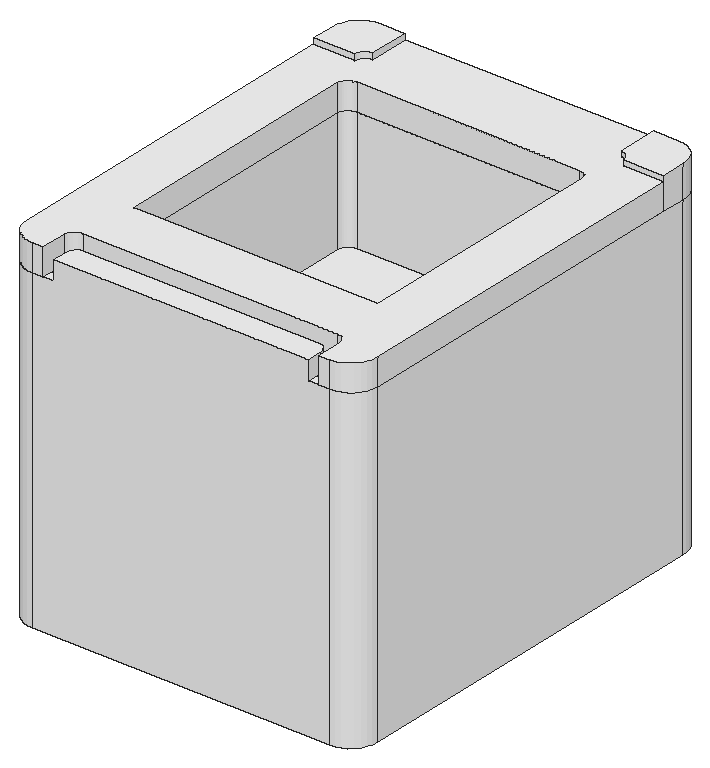
Revit family "Domotics-DomesticRanges-GEWISS-SYSTEM_ENCLOSURE-WATERTIGHT-IP65", category Apparecchi elettrici, host Superficie, Revit 2016
Family settings
  Host = Superficie
  Mantenere orientamento annotazione = Sì
  Tipo di parte = Normale
  Quota connettore circolare = Usa diametro
  Taglio con vuoti quando caricato = No
  Condiviso = No
  Punto di calcolo locali = Sì
Parameters (values of type "GW27062 - Wat. IP65 enclosure 2M rigid tran. Cover")
  Visibilità simbolo [instance] = yes
  Visibilità in pianta [instance] = yes
  Version file RFA = "19.4"
  URL = "https://www.gewiss.com/ww/en"
  Type of knockout holes = "Removable with tool"
  Torque screws tightening = "0,8NM"
  Thermo-pressure with ball = "70 °C"
  Technical sheet = "https://www.gewiss.com/ww/en/search?q=GW27062"
  Standard; = "EN 60670-1"
  Standard = "EN 60670-1"
  Sportellino chiuso [instance] = yes
  Shock resistance = "IK07"
  SEO = "Enclosure"
  Realized by GEWISS S.p.A. = ""
  Default Elevation = 1219.2 mm
  Produttore = "GEWISS S.p.A."
  Outer dim. LxHxD (mm) = "66x82x65"
  No. knockout holes Ã˜23 = "4 on sides / 1 on the bottom"
  No. knockout holes Ã˜ 23 = "3"
  N. holes Ã˜ 23 with cable gland = "1"
  Modello = "GW27062"
  Lid screws = "Stainless steel"
  Insulation class = "II"
  Installation temperature = "-25 +60 °C"
  Immagine tipo = GW27062.jpg
  IP degree = "IP65"
  IFC.TypeObject = ""
  IFC.ExportType = ""
  IFC.ExportAs = ""
  IDT = "8f8934d9-406d-40ac-8908-5aafbfcae389"
  IDF = "5ff36bd7-3460-49dc-94cf-c3dae0df500e"
  Glow Wire Test = "650°C"
  Electrocod = "0212"
  EAN code = "8011564856745"
  Door type = "Rigid"
  Door colour: = "Smoked Transparent"
  Distanza_x [instance] = 0 mm
  Distanza_effettiva_y [instance] = 100 mm
  Distanza_effettiva_x [instance] = 1000 mm - Distanza_x  # 1000 mm
  Descrizione = "WAT. IP65 ENCLOSURE 2M RIGID TRAN. COVER"
  Description: = "2 gang"
  Colour = "Grey RAL 7035"
  Catalogue Range = "SYSTEM - BOXES"
  Catalogue = "DOMOTICS"
  COBie.Tagnumber = ""
  COBie.CreatedOn = ""
  COBie.CreatebBy = ""
  COBie.ComponentRegisterItemID = ""
  COBie.Component.TagNumber = ""
  COBie.Component.Space = ""
  COBie.Component.SerialNumber = ""
  COBie.Component.InstallationDate = ""
  COBie.Component.Description = ""
  COBie.Component.BarCode = ""
Reference planes
  plane 1 "Centro (Fronte/Retro)": y = 0
  plane 2: z = 0
  plane 3 "Centro (Sinistra/Destra)": x = 0
  plane 4: y = 100
  plane 5: x = -1000
  plane 6: x = 0
Lines and regions (mm)
  Masking region 1, visible <- "Visibilità in pianta"
    outline origin (0, 0, 0) x (1, 0, 0) y (0, 0, 1)
      loop
        line (-33, 66) -> (-33, 0) -> (33, 0) -> (33, 66) -> (-33, 66)
  Masking region 2, visible <- "Visibilità in pianta"
    outline origin (0, 0, 0) x (0, 1, 0) y (0, 0, 1)
      loop
        line (-40, 65) -> (-40, 0) -> (42, 0) -> (42, 65) -> (-40, 65)
Dimensions and locks
  plane 5 to plane 3 "Centro (Sinistra/Destra)" = 1000 mm
  "Distanza_effettiva_y": plane 4 to plane 1 "Centro (Fronte/Retro)"
  "Distanza_effettiva_x": plane 5 to plane 6
  aligned and locked: plane 2 to host face
  aligned and locked: level to host face
  aligned and locked: nested 1 to plane 1 "Centro (Fronte/Retro)"
  aligned and locked: plane 3 "Centro (Sinistra/Destra)" to nested 1
  aligned and locked: Masking region 1 sketch curve to nested 1  (x4)
  aligned and locked: Masking region 2 sketch curve to nested 1  (x4)
  aligned and locked: nested 2 to plane 4
  aligned and locked: plane 6 to nested 2
Automatic sketch dimensions
  host sketch curve to host sketch curve = 2438.4 mm  (x2)
Nested families
  nested 1: "System Contenitori IP56_GENERICO" at (0, 1, 0), Sportellino Chiuso <- "Sportellino chiuso", type "GW27062 Contenitore stagno IP65 2M portella rigida trasparente"
    with Sportellino Chiuso yes, Sportellino Aperto no
  nested 2: "Simbolo contenitori ip55" at (0, 100, 0), visible <- "Visibilità simbolo", type "Simbolo contenitori ip55"
Definition of nested family "System Contenitori IP56_GENERICO"
  Parameters (values of type "GW27062 Contenitore stagno IP65 2M portella rigida trasparente")
    Vetro Sportello = none
    Sportellino Chiuso [instance] = yes
    Sportellino Aperto [instance] = not(Sportellino Chiuso)  # no
    Profondità = 65 mm
    Lunghezza = 82 mm
    Larghezza = 66 mm
    Finitura System IP56 = none
    Altezza da terra = 750 mm
  Reference planes
    plane 1 "Centro (Fronte/Retro)": y = 0
    plane 2: z = 0
    plane 3 "Centro (Sinistra/Destra)": x = 0
    plane 4: x = -33
    plane 5: x = 33
    plane 6: x = -23
    plane 7: x = 23
    plane 8: y = -1
    plane 9: z = 65
    plane 10: z = 60
    plane 11: z = 37
  Forms (mm)
    Extrusion 1, solid, material <- "Finitura System IP56"
      sketch origin (0, -791, 58.604) x (1, 0, 0) y (0, 1, 0)
        loop
          arc (-28, 832) -> (-31.536, 830.536) -> (-33, 827) r 5
          line (-33, 827) -> (-33, 755)
          arc (-33, 755) -> (-31.536, 751.464) -> (-28, 750) r 5
          line (-28, 750) -> (28, 750)
          arc (28, 750) -> (31.536, 751.464) -> (33, 755) r 5
          line (33, 755) -> (33, 827)
          arc (33, 827) -> (31.536, 830.536) -> (28, 832) r 5
          line (28, 832) -> (-28, 832)
        loop
          arc (-31, 755) -> (-30.121, 752.879) -> (-28, 752) r 3
          line (-28, 752) -> (28, 752)
          arc (28, 752) -> (30.121, 752.879) -> (31, 755) r 3
          line (31, 755) -> (31, 827)
          arc (31, 827) -> (30.121, 829.121) -> (28, 830) r 3
          line (28, 830) -> (-28, 830)
          arc (-28, 830) -> (-30.121, 829.121) -> (-31, 827) r 3
          line (-31, 827) -> (-31, 755)
      from 1.396 to -58.604
    Extrusion 2, solid, material <- "Finitura System IP56", visible <- "Sportellino Chiuso", detail levels fine
      sketch origin (0, -791, 65) x (1, 0, 0) y (0, 1, 0)
        loop
          line (-23.414, 832) -> (-23.414, 824.415)
          arc (-23.414, 824.415) -> (-24.751, 823.861) -> (-25.304, 822.525) r 1.89
          line (-25.304, 822.525) -> (-33, 822.525) -> (-33, 755)
          arc (-33, 755) -> (-31.536, 751.464) -> (-28, 750) r 5
          line (-28, 750) -> (-25.996, 750) -> (-25.996, 754.753)
          arc (-25.996, 754.753) -> (-25.41, 756.167) -> (-23.996, 756.753) r 2
          line (-23.996, 756.753) -> (23.996, 756.753)
          arc (23.996, 756.753) -> (25.41, 756.167) -> (25.996, 754.753) r 2
          line (25.996, 754.753) -> (25.996, 750) -> (28, 750)
          arc (28, 750) -> (31.536, 751.464) -> (33, 755) r 5
          line (33, 755) -> (33, 822.525) -> (25.304, 822.525)
          arc (25.304, 822.525) -> (24.751, 823.861) -> (23.414, 824.415) r 1.89
          line (23.414, 824.415) -> (23.414, 832) -> (-23.414, 832)
        loop
          arc (-21, 817.5) -> (-22.414, 816.914) -> (-23, 815.5) r 2
          line (-23, 815.5) -> (-23, 767.5) -> (23, 767.5) -> (23, 815.5)
          arc (23, 815.5) -> (22.414, 816.914) -> (21, 817.5) r 2
          line (21, 817.5) -> (-21, 817.5)
      from 0 to -5
    Extrusion 3, solid, material <- "Finitura System IP56"
      sketch origin (0, -791, 63.604) x (1, 0, 0) y (0, 1, 0)
        loop
          line (-23.996, 750) -> (23.996, 750) -> (23.996, 752.753)
          arc (23.996, 752.753) -> (23.41, 754.167) -> (21.996, 754.753) r 2
          line (21.996, 754.753) -> (-21.996, 754.753)
          arc (-21.996, 754.753) -> (-23.41, 754.167) -> (-23.996, 752.753) r 2
          line (-23.996, 752.753) -> (-23.996, 750)
      from 0 to -3.604
    Extrusion 4, solid, material <- "Finitura System IP56", detail levels fine
      sketch origin (0, -791, 66) x (1, 0, 0) y (0, 1, 0)
        loop
          arc (-28, 832) -> (-31.536, 830.536) -> (-33, 827) r 5
          line (-33, 827) -> (-33, 822.525) -> (-25.304, 822.525)
          arc (-25.304, 822.525) -> (-24.751, 823.861) -> (-23.414, 824.415) r 1.89
          line (-23.414, 824.415) -> (-23.414, 832) -> (-28, 832)
      from 0 to -6
    Extrusion 5, solid, material <- "Finitura System IP56", detail levels fine
      sketch origin (0, -791, 66) x (1, 0, 0) y (0, 1, 0)
        loop
          line (23.414, 832) -> (23.414, 824.415)
          arc (23.414, 824.415) -> (24.751, 823.861) -> (25.304, 822.525) r 1.89
          line (25.304, 822.525) -> (33, 822.525) -> (33, 827)
          arc (33, 827) -> (31.536, 830.536) -> (28, 832) r 5
          line (28, 832) -> (23.414, 832)
      from 0 to -6
    Extrusion 6, solid, material <- "Finitura System IP56", visible <- "Sportellino Aperto", detail levels fine
      sketch origin (0, -791, 60) x (1, 0, 0) y (0, 0, -1)
        loop
          line (-23.414, 0) -> (-23.414, -7.585)
          arc (-23.414, -7.585) -> (-24.751, -8.139) -> (-25.304, -9.475) r 1.89
          line (-25.304, -9.475) -> (-33, -9.475) -> (-33, -77)
          arc (-33, -77) -> (-31.536, -80.536) -> (-28, -82) r 5
          line (-28, -82) -> (-25.996, -82) -> (-25.996, -77.697)
          arc (-25.996, -77.697) -> (-25.278, -75.964) -> (-23.545, -75.247) r 2.45
          line (-23.545, -75.247) -> (23.496, -75.247)
          arc (23.496, -75.247) -> (25.264, -75.979) -> (25.996, -77.747) r 2.5
          line (25.996, -77.747) -> (25.996, -82) -> (28, -82)
          arc (28, -82) -> (31.536, -80.536) -> (33, -77) r 5
          line (33, -77) -> (33, -9.475) -> (25.304, -9.475)
          arc (25.304, -9.475) -> (24.751, -8.139) -> (23.414, -7.585) r 1.89
          line (23.414, -7.585) -> (23.414, 0) -> (-23.414, 0)
        loop
          arc (-20.971, -14.5) -> (-22.406, -15.094) -> (-23, -16.529) r 2.029
          line (-23, -16.529) -> (-23, -64.5) -> (23, -64.5) -> (23, -16.473)
          arc (23, -16.473) -> (22.422, -15.078) -> (21.027, -14.5) r 1.973
          line (21.027, -14.5) -> (-20.971, -14.5)
      from 827 to 832
    Extrusion 7, solid, material <- "Finitura System IP56"
      sketch origin (0, 0, 0) x (1, 0, 0) y (0, 1, 0)
        loop
          line (-23, -23.5) -> (23, -23.5) -> (23, 24.5)
          arc (23, 24.5) -> (22.414, 25.914) -> (21, 26.5) r 2
          line (21, 26.5) -> (-21, 26.5)
          arc (-21, 26.5) -> (-22.414, 25.914) -> (-23, 24.5) r 2
          line (-23, 24.5) -> (-23, -23.5)
        loop
          arc (-31, -36) -> (-30.121, -38.121) -> (-28, -39) r 3
          line (-28, -39) -> (28, -39)
          arc (28, -39) -> (30.121, -38.121) -> (31, -36) r 3
          line (31, -36) -> (31, 36)
          arc (31, 36) -> (30.121, 38.121) -> (28, 39) r 3
          line (28, 39) -> (-28, 39)
          arc (-28, 39) -> (-30.121, 38.121) -> (-31, 36) r 3
          line (-31, 36) -> (-31, -36)
      from 0 to 60
    Extrusion 8, solid, material <- "Finitura System IP56"
      sketch origin (0, 0, 0) x (1, 0, 0) y (0, 1, 0)
        loop
          line (21, 26.5) -> (-21, 26.5)
          arc (-21, 26.5) -> (-22.414, 25.914) -> (-23, 24.5) r 2
          line (-23, 24.5) -> (-23, -23.5) -> (23, -23.5) -> (23, 24.5)
          arc (23, 24.5) -> (22.414, 25.914) -> (21, 26.5) r 2
      from 0 to 37
  Cuts and joins
    joined: Extrusion 1, Extrusion 3
  Dimensions and locks
    equal spacing: plane 5, plane 3 "Centro (Sinistra/Destra)", plane 4
    "Larghezza": plane 5 to plane 4
    locked: plane 7 to plane 5 at 10
    locked: plane 6 to plane 4 at 10
    locked: plane 9 to plane 2 at 65
    locked: plane 9 to plane 10 at 5
    locked: plane 10 to plane 11 at 23
    aligned and locked: level to plane 2
    aligned and locked: plane 4 to Extrusion 2 sketch curve
    aligned and locked: plane 5 to Extrusion 2 sketch curve
    aligned and locked: plane 6 to Extrusion 2 sketch curve
    aligned and locked: plane 7 to Extrusion 2 sketch curve
    aligned and locked: plane 5 to Extrusion 5 sketch curve
    aligned and locked: Extrusion 6 sketch curve to plane 4
    aligned and locked: plane 5 to Extrusion 6 sketch curve
    aligned and locked: plane 6 to Extrusion 6 sketch curve
    aligned and locked: Extrusion 6 sketch curve to plane 7
    aligned and locked: Extrusion 2 to plane 10
    aligned and locked: cut or joined group of Extrusion 1, Extrusion 3 to plane 10
    aligned and locked: Extrusion 5 to plane 10
    aligned and locked: Extrusion 4 to plane 10
    aligned and locked: plane 10 to cut or joined group of Extrusion 1, Extrusion 3
    aligned and locked: cut or joined group of Extrusion 1, Extrusion 3 to plane 2
    aligned and locked: Extrusion 7 to Extrusion 2
    aligned and locked: plane 11 to Extrusion 8
  Automatic sketch dimensions
    Extrusion 1 sketch curve to Extrusion 1 sketch curve = 0 mm  (x8)
    Extrusion 1 sketch curve to plane 4 = 0 mm
    Extrusion 1 sketch curve to plane 5 = 0 mm
    plane 4 to Extrusion 1 sketch curve = 2 mm
    Extrusion 1 sketch curve to Extrusion 1 sketch curve = 3 mm  (x3)
    plane 5 to Extrusion 1 sketch curve = 5 mm
    Extrusion 1 sketch curve to plane 8 = 40 mm
    Extrusion 1 sketch curve to plane 1 "Centro (Fronte/Retro)" = 36 mm
    Extrusion 2 sketch curve to Extrusion 2 sketch curve = 5 mm
    Extrusion 2 sketch curve to Extrusion 2 sketch curve = 2.004 mm  (x2)
    Extrusion 2 sketch curve to plane 6 = 2.304 mm
    Extrusion 2 sketch curve to plane 6 = 0.996 mm
    Extrusion 2 sketch curve to plane 6 = 0.414 mm
    Extrusion 2 sketch curve to Extrusion 2 sketch curve = 2 mm  (x2)
    Extrusion 2 sketch curve to plane 7 = 0.414 mm
    Extrusion 2 sketch curve to plane 7 = 0.996 mm
    Extrusion 2 sketch curve to Extrusion 2 sketch curve = 1.89 mm
    Extrusion 2 sketch curve to plane 7 = 2.996 mm
    Extrusion 2 sketch curve to plane 8 = 40 mm  (x2)
    Extrusion 2 sketch curve to Extrusion 2 sketch curve = 0.247 mm
    Extrusion 2 sketch curve to Extrusion 2 sketch curve = 10.747 mm
    Extrusion 2 sketch curve to plane 1 "Centro (Fronte/Retro)" = 24.5 mm
    Extrusion 2 sketch curve to Extrusion 2 sketch curve = 5.025 mm
    Extrusion 2 sketch curve to Extrusion 2 sketch curve = 7.025 mm
    Extrusion 2 sketch curve to Extrusion 2 sketch curve = 7.585 mm
    Extrusion 3 sketch curve to plane 6 = 0.996 mm
    plane 6 to Extrusion 3 sketch curve = 1.004 mm
    plane 7 to Extrusion 3 sketch curve = 1.004 mm
    Extrusion 3 sketch curve to plane 7 = 0.996 mm
    Extrusion 3 sketch curve to plane 8 = 40 mm
    Extrusion 3 sketch curve to Extrusion 3 sketch curve = 2.753 mm
    Extrusion 4 sketch curve to plane 4 = 0 mm
    plane 4 to Extrusion 4 sketch curve = 5 mm
    Extrusion 4 sketch curve to plane 6 = 2.304 mm
    Extrusion 4 sketch curve to plane 6 = 0.414 mm
    Extrusion 4 sketch curve to plane 1 "Centro (Fronte/Retro)" = 31.525 mm
    Extrusion 4 sketch curve to Extrusion 4 sketch curve = 4.475 mm
    Extrusion 5 sketch curve to Extrusion 5 sketch curve = 5 mm
    Extrusion 5 sketch curve to plane 7 = 2.304 mm
    Extrusion 5 sketch curve to plane 7 = 0.414 mm
    Extrusion 5 sketch curve to plane 1 "Centro (Fronte/Retro)" = 31.525 mm
    Extrusion 5 sketch curve to Extrusion 5 sketch curve = 4.475 mm
    plane 4 to Extrusion 6 sketch curve = 5 mm
    Extrusion 6 sketch curve to Extrusion 6 sketch curve = 2.004 mm  (x2)
    Extrusion 6 sketch curve to plane 6 = 2.304 mm
    Extrusion 6 sketch curve to plane 6 = 0.545 mm
    Extrusion 6 sketch curve to plane 6 = 0.414 mm
    plane 6 to Extrusion 6 sketch curve = 2.029 mm
    plane 7 to Extrusion 6 sketch curve = 1.973 mm
    Extrusion 6 sketch curve to plane 7 = 0.414 mm
    Extrusion 6 sketch curve to plane 7 = 0.496 mm
    Extrusion 6 sketch curve to Extrusion 6 sketch curve = 1.89 mm
    Extrusion 6 sketch curve to plane 7 = 2.996 mm
    level to Extrusion 6 sketch curve = 142 mm
    Extrusion 6 sketch curve to Extrusion 6 sketch curve = 0 mm
    Extrusion 6 sketch curve to Extrusion 6 sketch curve = 0.747 mm
    Extrusion 6 sketch curve to Extrusion 6 sketch curve = 10.747 mm
    Extrusion 6 sketch curve to Extrusion 6 sketch curve = 47.971 mm
    Extrusion 6 sketch curve to Extrusion 6 sketch curve = 5.025 mm  (x2)
    Extrusion 6 sketch curve to Extrusion 6 sketch curve = 7.585 mm
    Extrusion 7 sketch curve to plane 6 = 0 mm
    Extrusion 7 sketch curve to plane 7 = 0 mm
    plane 4 to Extrusion 7 sketch curve = 5 mm
    plane 4 to Extrusion 7 sketch curve = 2 mm
    Extrusion 7 sketch curve to Extrusion 7 sketch curve = 2 mm
    plane 7 to Extrusion 7 sketch curve = 2 mm
    plane 5 to Extrusion 7 sketch curve = 5 mm  (x2)
    plane 5 to Extrusion 7 sketch curve = 2 mm
    Extrusion 7 sketch curve to plane 8 = 38 mm
    Extrusion 7 sketch curve to Extrusion 7 sketch curve = 15.5 mm
    Extrusion 7 sketch curve to plane 1 "Centro (Fronte/Retro)" = 24.5 mm
    Extrusion 7 sketch curve to Extrusion 7 sketch curve = 9.5 mm
    Extrusion 7 sketch curve to Extrusion 7 sketch curve = 3 mm
    Extrusion 8 sketch curve to plane 6 = 0 mm
    Extrusion 8 sketch curve to plane 7 = 0 mm
    Extrusion 8 sketch curve to Extrusion 8 sketch curve = 2 mm
    plane 7 to Extrusion 8 sketch curve = 2 mm
    Extrusion 8 sketch curve to plane 8 = 22.5 mm
    Extrusion 8 sketch curve to plane 1 "Centro (Fronte/Retro)" = 24.5 mm
Definition of nested family "Simbolo contenitori ip55"
  Reference planes
    plane 1: y = 0
    plane 2: x = 0
  Lines and regions (mm)
    detail lines
      curve 1: line (0.4, 0.4, 0) -> (0.4, 0, 0)
      curve 2: line (0.4, 0, 0) -> (-0.4, 0, 0)
      curve 3: line (-0.4, 0, 0) -> (-0.4, 0.4, 0)
      curve 4: line (-0.4, 0.4, 0) -> (0.4, 0.4, 0)
